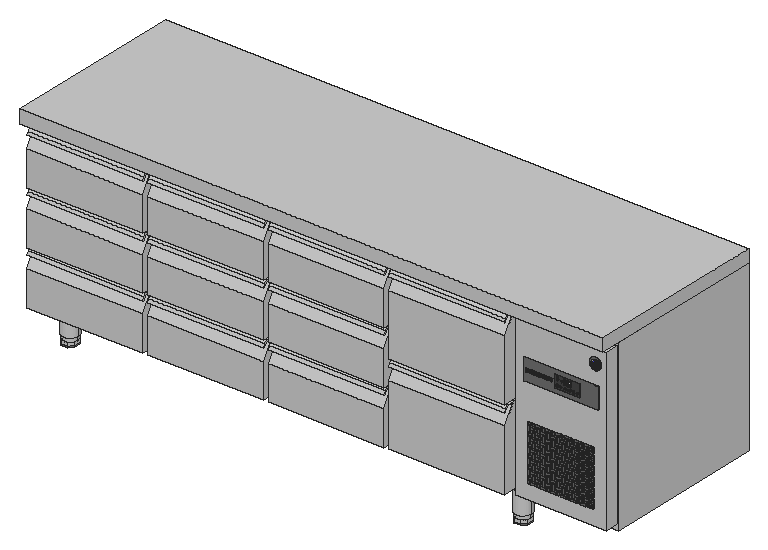
Revit family "QF_HOSHIZAKI_889040858", category Specialty Equipment, Revit 2016 (continued)
Definition of nested family "QF_HOSHIZAKI_ADVANCE_REF-COUNTER-DOORS-DRAWERS"
  Dimensions and locks
    aligned and locked: plane 1 "Back" to nested 4
    aligned and locked: plane 3 "Left" to nested 4
    aligned and locked: plane 3 "Left" to nested 5
    aligned and locked: plane 1 "Back" to nested 5
    aligned and locked: plane 3 "Left" to nested 6
    aligned and locked: plane 1 "Back" to nested 6
    aligned and locked: plane 3 "Left" to nested 7
    aligned and locked: plane 1 "Back" to nested 7
  Nested families
    nested 1: "Right_Door" at (0, 0, 0), Section size <- "Section size", type "Right door"
      with Worktop thickness 50 mm, Section size 446 mm, Legs height 0 mm, Height Actual 700 mm, Depth Actual 0 mm, Right hand hinged door no
    nested 2: "Left_Door" at (0, 0, 0), Section size <- "Section size", type "Left door"
      with Worktop thickness 50 mm, Section size 446 mm, Legs height 0 mm, Height Actual 700 mm, Depth Actual 0 mm, Left hand hinged door no
    nested 3: "3_Drawers_1-3" at (0, 0, 0), Section size <- "Section size", type "3 Drawers 1-3"
      with Worktop thickness 50 mm, Section size 446 mm, Legs height 0 mm, Height Actual 700 mm, Depth Actual 0 mm
    nested 4: "2_Drawers_1-2" at (0, 0, 0), Section size <- "Section size", type "2 Drawers 1-2"
      with Worktop thickness 50 mm, Section size 446 mm, Legs height 0 mm, Height Actual 700 mm, Depth Actual 0 mm, 2 Drawers no
    nested 5: "3_Drawers_1-3_2-3" at (0, 0, 0), Section size <- "Section size", type "2 Drawers 1-3 and 2-3"
      with Worktop thickness 40 mm, Section size 446 mm, Legs height 0 mm, Height Actual 750 mm, Depth Actual 0 mm, 2 Drawers 1-3 and 2-3 no
    nested 6: "Right_Glass_Door" at (0, 0, 0), Section size <- "Section size", type "Right glass door"
      with Worktop thickness 40 mm, Section size 446 mm, Legs height 0 mm, Height Actual 750 mm, Depth Actual 0 mm, Right hand hinged glass door no
    nested 7: "Left_Glass_Door" at (0, 0, 0), Section size <- "Section size", type "Left glass door"
      with Worktop thickness 40 mm, Section size 446 mm, Legs height 0 mm, Height Actual 750 mm, Depth Actual 0 mm, Left hand hinged glass door no
  Definition of nested family "3_Drawers_1-3"
    Parameters (values of type "3 Drawers 1-3")
      Worktop thickness [instance] = 50 mm
      URL = "www.specifiglobal.com"
      Section size [instance] = 446 mm
      Model = ""
      Manufacturer = "DEMO CONSULTANT"
      Legs height [instance] = 150 mm
      Height Actual [instance] = 850 mm
      Description = ""
      Depth Actual [instance] = 700 mm
      Assembly Code = "E1090320"
      3 Drawers = yes
    Reference planes
      plane 1 "Back": y = 0
      plane 2: z = 0
      plane 3 "Left": x = 0
      plane 4 "Right": x = 446
      plane 5 "Front": y = -700
      plane 6 "Top": z = 850
      plane 7 "Front door": y = -633
      plane 8 "Bottom shelf": z = 150
      plane 9 "Worktop bottom": z = 800
      plane 10: z = 784
      plane 11: z = 170
      plane 12: z = 584
      plane 13: z = 577
      plane 14: z = 370
      plane 15: z = 377
      plane 16: z = 580.5
      plane 17: z = 373.5
      plane 18: z = 166.5
      plane 19: z = 787.5
    Forms (mm)
      Extrusion 1, solid, visible <- "3 Drawers"
        sketch origin (860, -633, 4000) x (-1, 0, 0) y (0, 0, 1)
          loop
            line (852, -3224) -> (422, -3224) -> (422, -3408) -> (852, -3408) -> (852, -3224)
          loop
            line (823, -3253) -> (451, -3253) -> (451, -3379) -> (823, -3379) -> (823, -3253)
        from 0 to -11
      Extrusion 2, solid, visible <- "3 Drawers"
        sketch origin (0, 0, 0) x (0, 1, 0) y (0, 0, 1)
          loop
            line (-644, 784) -> (-675.296, 784)
            arc (-675.296, 784) -> (-683.245, 781.721) -> (-688.778, 775.576) r 15
            line (-688.778, 775.576) -> (-694, 764.869) -> (-692.202, 763.992) -> (-686.981, 774.699)
            arc (-686.981, 774.699) -> (-682.185, 780.025) -> (-675.296, 782) r 13
            line (-675.296, 782) -> (-656.484, 782) -> (-694, 717.02) -> (-694, 584) -> (-644, 584) -> (-644, 784)
        from 0 to 446
      Extrusion 3, solid, visible <- "3 Drawers"
        sketch origin (0, 0, -237.3) x (0, 1, 0) y (0, 0, 1)
          loop
            line (-644, 814.3) -> (-675.296, 814.3)
            arc (-675.296, 814.3) -> (-683.245, 812.021) -> (-688.778, 805.876) r 15
            line (-688.778, 805.876) -> (-694, 795.169) -> (-692.202, 794.292) -> (-686.981, 804.999)
            arc (-686.981, 804.999) -> (-682.185, 810.325) -> (-675.296, 812.3) r 13
            line (-675.296, 812.3) -> (-656.484, 812.3) -> (-694, 747.32) -> (-694, 614.3) -> (-644, 614.3) -> (-644, 814.3)
        from 0 to 446
      Extrusion 4, solid, visible <- "3 Drawers"
        sketch origin (0, 0, -463.333) x (0, 1, 0) y (0, 0, 1)
          loop
            line (-644, 833.333) -> (-675.296, 833.333)
            arc (-675.296, 833.333) -> (-683.245, 831.054) -> (-688.778, 824.909) r 15
            line (-688.778, 824.909) -> (-694, 814.202) -> (-692.202, 813.326) -> (-686.981, 824.032)
            arc (-686.981, 824.032) -> (-682.185, 829.358) -> (-675.296, 831.333) r 13
            line (-675.296, 831.333) -> (-656.484, 831.333) -> (-694, 766.353) -> (-694, 633.333) -> (-644, 633.333) -> (-644, 833.333)
        from 0 to 446
      Extrusion 5, solid, visible <- "3 Drawers"
        sketch origin (860, -633, 3773.7) x (-1, 0, 0) y (0, 0, 1)
          loop
            line (852, -3204.7) -> (422, -3204.7) -> (422, -3388.7) -> (852, -3388.7) -> (852, -3204.7)
          loop
            line (823, -3233.7) -> (451, -3233.7) -> (451, -3359.7) -> (823, -3359.7) -> (823, -3233.7)
        from 0 to -11
      Extrusion 6, solid, visible <- "3 Drawers"
        sketch origin (860, -633, 3547) x (-1, 0, 0) y (0, 0, 1)
          loop
            line (852, -3185) -> (422, -3185) -> (422, -3369) -> (852, -3369) -> (852, -3185)
          loop
            line (823, -3214) -> (451, -3214) -> (451, -3340) -> (823, -3340) -> (823, -3214)
        from 0 to -11
      Extrusion 7, solid, visible <- "3 Drawers", detail levels coarse
        sketch origin (0, -608.657, 584) x (0, 1, 0) y (-1, 0, 0)
          loop
            line (-85.343, 0) -> (-551.343, 0) -> (-551.343, -446) -> (-85.343, -446) -> (-85.343, 0)
        from 0 to 200
      Extrusion 8, solid, visible <- "3 Drawers", detail levels coarse
        sketch origin (0, -503.657, 377) x (0, 1, 0) y (-1, 0, 0)
          loop
            line (-190.343, 0) -> (-656.343, 0) -> (-656.343, -446) -> (-190.343, -446) -> (-190.343, 0)
        from 0 to 200
      Extrusion 9, solid, visible <- "3 Drawers", detail levels coarse
        sketch origin (0, -343.657, 170) x (0, 1, 0) y (-1, 0, 0)
          loop
            line (-350.343, 0) -> (-816.343, 0) -> (-816.343, -446) -> (-350.343, -446) -> (-350.343, 0)
        from 0 to 200
    Lines and regions (mm)
      symbolic lines, visible <- "3 Drawers"
        curve 1: line (0, -808, 850) -> (0, -854, 850)
        curve 2: line (0, -854, 850) -> (446, -854, 850)
        curve 3: line (446, -854, 850) -> (446, -808, 850)
        curve 4: line (446, -808, 850) -> (0, -808, 850)
        curve 5: line (416, -808, 850) -> (416, -700, 850)
        curve 6: line (30, -808, 850) -> (30, -700, 850)
        curve 7: line (0, -961, 850) -> (0, -1007, 850)
        curve 8: line (0, -1007, 850) -> (446, -1007, 850)
        curve 9: line (446, -1007, 850) -> (446, -961, 850)
        curve 10: line (446, -961, 850) -> (0, -961, 850)
        curve 11: line (416, -961, 850) -> (416, -854, 850)
        curve 12: line (30, -961, 850) -> (30, -854, 850)
        curve 13: line (0, -1114, 850) -> (0, -1160, 850)
        curve 14: line (0, -1160, 850) -> (446, -1160, 850)
        curve 15: line (446, -1160, 850) -> (446, -1114, 850)
        curve 16: line (446, -1114, 850) -> (0, -1114, 850)
        curve 17: line (416, -1114, 850) -> (416, -1007, 850)
        curve 18: line (30, -1114, 850) -> (30, -1007, 850)
    Dimensions and locks
      "Section size": plane 3 "Left" to plane 4 "Right"
      "Depth Actual": plane 5 "Front" to plane 1 "Back"
      "Height Actual": plane 6 "Top" to level
      locked: plane 7 "Front door" to plane 5 "Front" at 67
      "Legs height": plane 8 "Bottom shelf" to plane 2
      "Worktop thickness": plane 6 "Top" to plane 9 "Worktop bottom"
      locked: plane 11 to plane 8 "Bottom shelf" at 20
      locked: plane 9 "Worktop bottom" to plane 10 at 16
      locked: plane 12 to plane 13 at 7
      locked: plane 15 to plane 14 at 7
      locked: plane 11 to plane 18 at 3.5
      equal spacing: plane 12, plane 16, plane 13
      equal spacing: plane 15, plane 17, plane 14
      locked: plane 19 to plane 10 at 3.5
      equal spacing: plane 19, plane 16, plane 17, plane 18
      aligned and locked: level to plane 2
      aligned and locked: Extrusion 2 to plane 4 "Right"
      aligned and locked: Extrusion 3 to plane 4 "Right"
      aligned and locked: Extrusion 4 to plane 4 "Right"
      aligned and locked: plane 4 "Right" to Extrusion 7 sketch curve
      aligned and locked: plane 3 "Left" to Extrusion 7 sketch curve
      aligned and locked: Extrusion 7 to plane 10
      aligned and locked: Extrusion 8 to plane 13
      aligned and locked: Extrusion 9 to plane 14
      aligned and locked: plane 10 to Extrusion 2 sketch curve
      aligned and locked: Extrusion 2 sketch curve to plane 12
      aligned and locked: Extrusion 3 sketch curve to plane 15
      aligned and locked: plane 13 to Extrusion 3 sketch curve
    Automatic sketch dimensions
      plane 4 "Right" to Extrusion 1 sketch curve = 8 mm
      plane 4 "Right" to Extrusion 1 sketch curve = 37 mm
      plane 3 "Left" to Extrusion 1 sketch curve = 37 mm
      plane 3 "Left" to Extrusion 1 sketch curve = 8 mm
      plane 12 to Extrusion 1 sketch curve = 8 mm
      plane 12 to Extrusion 1 sketch curve = 37 mm
      Extrusion 1 sketch curve to plane 10 = 37 mm
      Extrusion 1 sketch curve to plane 10 = 8 mm
      plane 4 "Right" to Extrusion 5 sketch curve = 8 mm
      plane 4 "Right" to Extrusion 5 sketch curve = 37 mm
      plane 3 "Left" to Extrusion 5 sketch curve = 37 mm
      plane 3 "Left" to Extrusion 5 sketch curve = 8 mm
      plane 15 to Extrusion 5 sketch curve = 8 mm
      plane 15 to Extrusion 5 sketch curve = 37 mm
      Extrusion 5 sketch curve to plane 13 = 37 mm
      Extrusion 5 sketch curve to plane 13 = 8 mm
      plane 4 "Right" to Extrusion 6 sketch curve = 8 mm
      plane 4 "Right" to Extrusion 6 sketch curve = 37 mm
      plane 3 "Left" to Extrusion 6 sketch curve = 37 mm
      plane 3 "Left" to Extrusion 6 sketch curve = 8 mm
      plane 11 to Extrusion 6 sketch curve = 8 mm
      plane 11 to Extrusion 6 sketch curve = 37 mm
      Extrusion 6 sketch curve to plane 14 = 37 mm
      Extrusion 6 sketch curve to plane 14 = 8 mm
      Extrusion 7 sketch curve to plane 5 "Front" = 460 mm
      plane 5 "Front" to Extrusion 7 sketch curve = 6 mm
      Extrusion 8 sketch curve to plane 3 "Left" = 0 mm
      Extrusion 8 sketch curve to plane 4 "Right" = 0 mm
      Extrusion 8 sketch curve to plane 5 "Front" = 460 mm
      plane 5 "Front" to Extrusion 8 sketch curve = 6 mm
      Extrusion 9 sketch curve to plane 3 "Left" = 0 mm
      Extrusion 9 sketch curve to plane 4 "Right" = 0 mm
      Extrusion 9 sketch curve to plane 5 "Front" = 460 mm
      plane 5 "Front" to Extrusion 9 sketch curve = 6 mm
      curve 13 to plane 3 "Left" = 0 mm
      curve 14 to plane 4 "Right" = 0 mm
      curve 7 to plane 3 "Left" = 0 mm
      curve 8 to plane 4 "Right" = 0 mm
      curve 1 to plane 3 "Left" = 0 mm
      curve 3 to plane 4 "Right" = 0 mm
      curve 6 to plane 5 "Front" = 0 mm
      curve 5 to plane 5 "Front" = 0 mm
      curve 1 to plane 5 "Front" = 108 mm
      curve 2 to curve 3 = 46 mm
      curve 7 to curve 1 = 107 mm
      curve 9 to curve 9 = 46 mm
      curve 16 to curve 7 = 107 mm
      curve 14 to curve 13 = 46 mm
      curve 8 to curve 17 = 30 mm
      curve 9 to curve 11 = 30 mm
      curve 3 to curve 5 = 30 mm
      plane 3 "Left" to curve 6 = 30 mm
      plane 3 "Left" to curve 18 = 30 mm
      plane 3 "Left" to curve 12 = 30 mm
      Extrusion 2 sketch curve to Extrusion 2 sketch curve = 0 mm  (x3)
      plane 5 "Front" to Extrusion 2 sketch curve = 6 mm  (x2)
      Extrusion 2 sketch curve to Extrusion 2 sketch curve = 1.798 mm  (x2)
      Extrusion 2 sketch curve to Extrusion 2 sketch curve = 11.684 mm
      plane 5 "Front" to Extrusion 2 sketch curve = 43.516 mm
      plane 5 "Front" to Extrusion 2 sketch curve = 56 mm
      Extrusion 2 sketch curve to plane 10 = 66.98 mm
      Extrusion 3 sketch curve to Extrusion 3 sketch curve = 0 mm  (x4)
      Extrusion 3 sketch curve to Extrusion 3 sketch curve = 1.798 mm  (x2)
      plane 5 "Front" to Extrusion 3 sketch curve = 11.222 mm
      Extrusion 3 sketch curve to Extrusion 3 sketch curve = 18.812 mm
      Extrusion 3 sketch curve to plane 7 "Front door" = 11 mm
      Extrusion 3 sketch curve to Extrusion 3 sketch curve = 46.972 mm
      Extrusion 4 sketch curve to Extrusion 4 sketch curve = 0 mm  (x2)
      Extrusion 4 sketch curve to plane 11 = 0 mm
      Extrusion 4 sketch curve to plane 14 = 0 mm
      Extrusion 4 sketch curve to plane 7 "Front door" = 61 mm  (x2)
      Extrusion 4 sketch curve to Extrusion 4 sketch curve = 1.798 mm  (x2)
      Extrusion 4 sketch curve to plane 14 = 8.424 mm
      Extrusion 4 sketch curve to Extrusion 4 sketch curve = 5.222 mm
      Extrusion 4 sketch curve to plane 14 = 9.301 mm
      Extrusion 4 sketch curve to plane 7 "Front door" = 42.296 mm
      Extrusion 4 sketch curve to plane 7 "Front door" = 23.484 mm
      Extrusion 4 sketch curve to plane 7 "Front door" = 11 mm
      Extrusion 4 sketch curve to Extrusion 4 sketch curve = 46.972 mm
      plane 5 "Front" to Extrusion 2 sketch curve = 11.222 mm
      plane 5 "Front" to Extrusion 3 sketch curve = 7.798 mm
      plane 5 "Front" to Extrusion 3 sketch curve = 6 mm
      Extrusion 3 sketch curve to Extrusion 3 sketch curve = 11.684 mm
      Extrusion 3 sketch curve to Extrusion 3 sketch curve = 66.98 mm
      Extrusion 3 sketch curve to Extrusion 3 sketch curve = 0.877 mm
      Extrusion 2 sketch curve to plane 10 = 20.008 mm
      Extrusion 2 sketch curve to Extrusion 2 sketch curve = 0.877 mm
  Definition of nested family "Right_Door"
    Parameters (values of type "Right door")
      Worktop thickness [instance] = 50 mm
      URL = "www.specifiglobal.com"
      Section size [instance] = 446 mm
      Right hand hinged door = yes
      Model = ""
      Manufacturer = "DEMO CONSULTANT"
      Legs height [instance] = 150 mm
      Height Actual [instance] = 850 mm
      Description = ""
      Depth Actual [instance] = 700 mm
      Assembly Code = "E1090320"
    Reference planes
      plane 1 "Back": y = 0
      plane 2: z = 0
      plane 3 "Left": x = 0
      plane 4 "Right": x = 446
      plane 5 "Front": y = -700
      plane 6 "Top": z = 850
      plane 7 "Front door": y = -633
      plane 8 "Bottom shelf": z = 150
      plane 9 "Worktop bottom": z = 800
      plane 10: z = 784
      plane 11: z = 170
    Forms (mm)
      Extrusion 1, solid, visible <- "Right hand hinged door", detail levels coarse
        sketch origin (0, -608.657, 170) x (0, 1, 0) y (-1, 0, 0)
          loop
            arc (-85.343, 0) -> (-400.712, -130.63) -> (-531.343, -446) r 446
            line (-531.343, -446) -> (-85.343, -446) -> (-85.343, 0)
        from 0 to 614
      Extrusion 2, solid, visible <- "Right hand hinged door"
        sketch origin (860, -633, 4000) x (-1, 0, 0) y (0, 0, 1)
          loop
            line (852, -3224) -> (422, -3224) -> (422, -3822) -> (852, -3822) -> (852, -3224)
          loop
            line (823, -3253) -> (451, -3253) -> (451, -3793) -> (823, -3793) -> (823, -3253)
        from 0 to -11
      Extrusion 3, solid, visible <- "Right hand hinged door"
        sketch origin (0, 0, 0) x (0, 1, 0) y (0, 0, 1)
          loop
            line (-644, 784) -> (-675.296, 784)
            arc (-675.296, 784) -> (-683.245, 781.721) -> (-688.778, 775.576) r 15
            line (-688.778, 775.576) -> (-694, 764.869) -> (-692.202, 763.992) -> (-686.981, 774.699)
            arc (-686.981, 774.699) -> (-682.185, 780.025) -> (-675.296, 782) r 13
            line (-675.296, 782) -> (-656.484, 782) -> (-694, 717.02) -> (-694, 170) -> (-644, 170) -> (-644, 784)
        from 0 to 446
    Lines and regions (mm)
      symbolic lines, visible <- "Right hand hinged door"
        curve 1: line (446, -700, 850) -> (446, -1140, 850)
        curve 2: arc (0.04, -700, 850) -> (132.759, -1011.484, 850) -> (446, -1140, 850) r 446
    Dimensions and locks
      "Section size": plane 3 "Left" to plane 4 "Right"
      "Depth Actual": plane 5 "Front" to plane 1 "Back"
      "Height Actual": plane 6 "Top" to level
      locked: plane 7 "Front door" to plane 5 "Front" at 67
      "Legs height": plane 8 "Bottom shelf" to plane 2
      "Worktop thickness": plane 6 "Top" to plane 9 "Worktop bottom"
      locked: plane 11 to plane 8 "Bottom shelf" at 20
      locked: plane 9 "Worktop bottom" to plane 10 at 16
      aligned and locked: level to plane 2
      aligned and locked: Extrusion 1 to plane 10
      aligned and locked: Extrusion 3 to plane 4 "Right"
      aligned and locked: curve 2 to Extrusion 1
      aligned and locked: plane 10 to Extrusion 3 sketch curve
      aligned and locked: Extrusion 3 sketch curve to plane 11
    Automatic sketch dimensions
      plane 4 "Right" to Extrusion 2 sketch curve = 8 mm
      plane 4 "Right" to Extrusion 2 sketch curve = 37 mm
      plane 3 "Left" to Extrusion 2 sketch curve = 37 mm
      plane 3 "Left" to Extrusion 2 sketch curve = 8 mm
      plane 11 to Extrusion 2 sketch curve = 8 mm
      plane 11 to Extrusion 2 sketch curve = 37 mm
      Extrusion 2 sketch curve to plane 10 = 37 mm
      Extrusion 2 sketch curve to plane 10 = 8 mm
      Extrusion 1 sketch curve to plane 4 "Right" = 0 mm
      Extrusion 1 sketch curve to plane 3 "Left" = 0 mm
      plane 5 "Front" to Extrusion 1 sketch curve = 6 mm
      curve 1 to plane 5 "Front" = 0 mm
      curve 2 to plane 5 "Front" = 0 mm
      Extrusion 3 sketch curve to Extrusion 3 sketch curve = 0 mm  (x2)
      Extrusion 3 sketch curve to plane 7 "Front door" = 61 mm  (x2)
      Extrusion 3 sketch curve to Extrusion 3 sketch curve = 1.798 mm  (x2)
      Extrusion 3 sketch curve to plane 10 = 8.424 mm
      Extrusion 3 sketch curve to Extrusion 3 sketch curve = 5.222 mm
      Extrusion 3 sketch curve to plane 10 = 9.301 mm
      Extrusion 3 sketch curve to plane 7 "Front door" = 42.296 mm
      Extrusion 3 sketch curve to plane 7 "Front door" = 23.484 mm
      Extrusion 3 sketch curve to Extrusion 3 sketch curve = 12.484 mm
      Extrusion 3 sketch curve to Extrusion 3 sketch curve = 46.972 mm
  Definition of nested family "Left_Door"
    Parameters (values of type "Left door")
      Worktop thickness [instance] = 50 mm
      URL = "www.specifiglobal.com"
      Section size [instance] = 450 mm
      Model = ""
      Manufacturer = "DEMO CONSULTANT"
      Legs height [instance] = 150 mm
      Left hand hinged door = yes
      Height Actual [instance] = 850 mm
      Description = ""
      Depth Actual [instance] = 700 mm
      Assembly Code = "E1090320"
    Reference planes
      plane 1 "Back": y = 0
      plane 2: z = 0
      plane 3 "Left": x = 0
      plane 4 "Right": x = 450
      plane 5 "Front": y = -700
      plane 6 "Top": z = 850
      plane 7 "Front door": y = -633
      plane 8 "Bottom shelf": z = 150
      plane 9 "Worktop bottom": z = 800
      plane 10: z = 784
      plane 11: z = 170
    Forms (mm)
      Extrusion 1, solid, visible <- "Left hand hinged door"
        sketch origin (860, -633, 4000) x (-1, 0, 0) y (0, 0, 1)
          loop
            line (852, -3224) -> (418, -3224) -> (418, -3822) -> (852, -3822) -> (852, -3224)
          loop
            line (823, -3253) -> (447, -3253) -> (447, -3793) -> (823, -3793) -> (823, -3253)
        from 0 to -11
      Extrusion 2, solid, visible <- "Left hand hinged door"
        sketch origin (0, 0, 0) x (0, 1, 0) y (0, 0, 1)
          loop
            line (-644, 784) -> (-675.296, 784)
            arc (-675.296, 784) -> (-683.245, 781.721) -> (-688.778, 775.576) r 15
            line (-688.778, 775.576) -> (-694, 764.869) -> (-692.202, 763.992) -> (-686.981, 774.699)
            arc (-686.981, 774.699) -> (-682.185, 780.025) -> (-675.296, 782) r 13
            line (-675.296, 782) -> (-656.484, 782) -> (-694, 717.02) -> (-694, 170) -> (-644, 170) -> (-644, 784)
        from 0 to 450
      Extrusion 3, solid, visible <- "Left hand hinged door", detail levels coarse
        sketch origin (0, -608.657, 170) x (0, 1, 0) y (-1, 0, 0)
          loop
            line (-85.343, -450) -> (-85.343, 0) -> (-535.343, 0)
            arc (-535.343, 0) -> (-403.541, -318.198) -> (-85.343, -450) r 450
        from 0 to 614
    Lines and regions (mm)
      symbolic lines, visible <- "Left hand hinged door"
        curve 1: line (0, -700, 850) -> (0, -1144, 850)
        curve 2: arc (0, -1144, 850) -> (316.07, -1014.312, 850) -> (449.96, -700, 850) r 450
    Dimensions and locks
      "Section size": plane 3 "Left" to plane 4 "Right"
      "Depth Actual": plane 5 "Front" to plane 1 "Back"
      "Height Actual": plane 6 "Top" to level
      locked: plane 7 "Front door" to plane 5 "Front" at 67
      "Legs height": plane 8 "Bottom shelf" to plane 2
      "Worktop thickness": plane 6 "Top" to plane 9 "Worktop bottom"
      locked: plane 11 to plane 8 "Bottom shelf" at 20
      locked: plane 9 "Worktop bottom" to plane 10 at 16
      aligned and locked: level to plane 2
      aligned and locked: Extrusion 2 to plane 4 "Right"
      aligned and locked: Extrusion 3 to plane 10
      aligned and locked: curve 2 to Extrusion 3
      aligned and locked: plane 10 to Extrusion 2 sketch curve
      aligned and locked: Extrusion 2 sketch curve to plane 11
    Automatic sketch dimensions
      plane 4 "Right" to Extrusion 1 sketch curve = 8 mm
      plane 4 "Right" to Extrusion 1 sketch curve = 37 mm
      plane 3 "Left" to Extrusion 1 sketch curve = 37 mm
      plane 3 "Left" to Extrusion 1 sketch curve = 8 mm
      plane 11 to Extrusion 1 sketch curve = 8 mm
      plane 11 to Extrusion 1 sketch curve = 37 mm
      Extrusion 1 sketch curve to plane 10 = 37 mm
      Extrusion 1 sketch curve to plane 10 = 8 mm
      Extrusion 3 sketch curve to plane 3 "Left" = 0 mm
      Extrusion 3 sketch curve to plane 4 "Right" = 0 mm
      plane 5 "Front" to Extrusion 3 sketch curve = 6 mm
      curve 1 to plane 5 "Front" = 0 mm
      curve 2 to plane 5 "Front" = 0 mm
      Extrusion 2 sketch curve to Extrusion 2 sketch curve = 0 mm  (x2)
      plane 5 "Front" to Extrusion 2 sketch curve = 6 mm  (x2)
      Extrusion 2 sketch curve to Extrusion 2 sketch curve = 1.798 mm
      plane 5 "Front" to Extrusion 2 sketch curve = 11.222 mm
      Extrusion 2 sketch curve to Extrusion 2 sketch curve = 11.684 mm
      Extrusion 2 sketch curve to Extrusion 2 sketch curve = 18.812 mm
      Extrusion 2 sketch curve to plane 7 "Front door" = 11 mm
      Extrusion 2 sketch curve to plane 10 = 66.98 mm
      Extrusion 2 sketch curve to plane 10 = 20.008 mm
      Extrusion 2 sketch curve to Extrusion 2 sketch curve = 0.877 mm  (x2)
  Definition of nested family "2_Drawers_1-2"
    Parameters (values of type "2 Drawers 1-2")
      Worktop thickness [instance] = 50 mm
      URL = "www.specifiglobal.com"
      Section size [instance] = 446 mm
      Model = ""
      Manufacturer = "DEMO CONSULTANT"
      Legs height [instance] = 150 mm
      Height Actual [instance] = 850 mm
      Description = ""
      Depth Actual [instance] = 700 mm
      Assembly Code = "E1090320"
      2 Drawers = yes
    Reference planes
      plane 1 "Back": y = 0
      plane 2: z = 0
      plane 3 "Left": x = 0
      plane 4 "Right": x = 446
      plane 5 "Front": y = -700
      plane 6 "Top": z = 850
      plane 7 "Front door": y = -633
      plane 8 "Bottom shelf": z = 150
      plane 9 "Worktop bottom": z = 800
      plane 10: z = 784
      plane 11: z = 170
      plane 12: z = 481
      plane 13: z = 473
      plane 14: z = 477
      plane 15: z = 792
      plane 16: z = 160
    Forms (mm)
      Extrusion 1, solid, visible <- "2 Drawers"
        sketch origin (860, -633, 4000) x (-1, 0, 0) y (0, 0, 1)
          loop
            line (852, -3224) -> (422, -3224) -> (422, -3511) -> (852, -3511) -> (852, -3224)
          loop
            line (823, -3253) -> (451, -3253) -> (451, -3482) -> (823, -3482) -> (823, -3253)
        from 0 to -11
      Extrusion 2, solid, visible <- "2 Drawers"
        sketch origin (0, 0, 0) x (0, 1, 0) y (0, 0, 1)
          loop
            line (-644, 784) -> (-675.296, 784)
            arc (-675.296, 784) -> (-683.245, 781.721) -> (-688.778, 775.576) r 15
            line (-688.778, 775.576) -> (-694, 764.869) -> (-692.202, 763.992) -> (-686.981, 774.699)
            arc (-686.981, 774.699) -> (-682.185, 780.025) -> (-675.296, 782) r 13
            line (-675.296, 782) -> (-656.484, 782) -> (-694, 717.02) -> (-694, 481) -> (-644, 481) -> (-644, 784)
        from 0 to 446
      Extrusion 3, solid, visible <- "2 Drawers"
        sketch origin (0, 0, -463.333) x (0, 1, 0) y (0, 0, 1)
          loop
            line (-644, 936.333) -> (-675.296, 936.333)
            arc (-675.296, 936.333) -> (-683.245, 934.054) -> (-688.778, 927.909) r 15
            line (-688.778, 927.909) -> (-694, 917.202) -> (-692.202, 916.326) -> (-686.981, 927.032)
            arc (-686.981, 927.032) -> (-682.185, 932.358) -> (-675.296, 934.333) r 13
            line (-675.296, 934.333) -> (-656.484, 934.333) -> (-694, 869.353) -> (-694, 633.333) -> (-644, 633.333) -> (-644, 936.333)
        from 0 to 446
      Extrusion 4, solid, visible <- "2 Drawers"
        sketch origin (860, -633, 3547) x (-1, 0, 0) y (0, 0, 1)
          loop
            line (852, -3082) -> (422, -3082) -> (422, -3369) -> (852, -3369) -> (852, -3082)
          loop
            line (823, -3111) -> (451, -3111) -> (451, -3340) -> (823, -3340) -> (823, -3111)
        from 0 to -11
      Extrusion 5, solid, visible <- "2 Drawers", detail levels coarse
        sketch origin (0, -608.657, 481) x (0, 1, 0) y (-1, 0, 0)
          loop
            line (-85.343, 0) -> (-551.343, 0) -> (-551.343, -446) -> (-85.343, -446) -> (-85.343, 0)
        from 0 to 303
      Extrusion 6, solid, visible <- "2 Drawers", detail levels coarse
        sketch origin (0, -343.657, 170) x (0, 1, 0) y (-1, 0, 0)
          loop
            line (-350.343, 0) -> (-816.343, 0) -> (-816.343, -446) -> (-350.343, -446) -> (-350.343, 0)
        from 0 to 303
    Lines and regions (mm)
      symbolic lines, visible <- "2 Drawers"
        curve 1: line (0, -884, 850) -> (0, -930, 850)
        curve 2: line (0, -930, 850) -> (446, -930, 850)
        curve 3: line (446, -930, 850) -> (446, -884, 850)
        curve 4: line (446, -884, 850) -> (0, -884, 850)
        curve 5: line (416, -884, 850) -> (416, -700, 850)
        curve 6: line (30, -884, 850) -> (30, -700, 850)
        curve 7: line (0, -1114, 850) -> (0, -1160, 850)
        curve 8: line (0, -1160, 850) -> (446, -1160, 850)
        curve 9: line (446, -1160, 850) -> (446, -1114, 850)
        curve 10: line (446, -1114, 850) -> (0, -1114, 850)
        curve 11: line (416, -1114, 850) -> (416, -930, 850)
        curve 12: line (30, -1114, 850) -> (30, -930, 850)
    Dimensions and locks
      "Section size": plane 3 "Left" to plane 4 "Right"
      "Depth Actual": plane 5 "Front" to plane 1 "Back"
      "Height Actual": plane 6 "Top" to level
      locked: plane 7 "Front door" to plane 5 "Front" at 67
      "Legs height": plane 8 "Bottom shelf" to plane 2
      "Worktop thickness": plane 6 "Top" to plane 9 "Worktop bottom"
      locked: plane 11 to plane 8 "Bottom shelf" at 20
      locked: plane 9 "Worktop bottom" to plane 10 at 16
      equal spacing: plane 9 "Worktop bottom", plane 15, plane 10
      equal spacing: plane 11, plane 16, plane 8 "Bottom shelf"
      plane 12 to plane 13 = 8 mm
      equal spacing: plane 12, plane 14, plane 13
      equal spacing: plane 10, plane 14, plane 11
      aligned and locked: level to plane 2
      aligned and locked: Extrusion 2 to plane 4 "Right"
      aligned and locked: Extrusion 3 to plane 4 "Right"
      aligned and locked: plane 4 "Right" to Extrusion 5 sketch curve
      aligned and locked: plane 3 "Left" to Extrusion 5 sketch curve
      aligned and locked: Extrusion 5 to plane 10
      aligned and locked: Extrusion 6 to plane 13
      aligned and locked: Extrusion 2 sketch curve to plane 12
      aligned and locked: plane 10 to Extrusion 2 sketch curve
      aligned and locked: Extrusion 3 sketch curve to plane 11
      aligned and locked: plane 13 to Extrusion 3 sketch curve
    Automatic sketch dimensions
      plane 4 "Right" to Extrusion 1 sketch curve = 8 mm
      plane 4 "Right" to Extrusion 1 sketch curve = 37 mm
      plane 3 "Left" to Extrusion 1 sketch curve = 37 mm
      plane 3 "Left" to Extrusion 1 sketch curve = 8 mm
      plane 12 to Extrusion 1 sketch curve = 8 mm
      plane 12 to Extrusion 1 sketch curve = 37 mm
      Extrusion 1 sketch curve to plane 10 = 37 mm
      Extrusion 1 sketch curve to plane 10 = 8 mm
      plane 4 "Right" to Extrusion 4 sketch curve = 8 mm
      plane 4 "Right" to Extrusion 4 sketch curve = 37 mm
      plane 3 "Left" to Extrusion 4 sketch curve = 37 mm
      plane 3 "Left" to Extrusion 4 sketch curve = 8 mm
      plane 11 to Extrusion 4 sketch curve = 8 mm
      plane 11 to Extrusion 4 sketch curve = 37 mm
      Extrusion 4 sketch curve to plane 13 = 37 mm
      Extrusion 4 sketch curve to plane 13 = 8 mm
      Extrusion 5 sketch curve to plane 5 "Front" = 460 mm
      plane 5 "Front" to Extrusion 5 sketch curve = 6 mm
      Extrusion 6 sketch curve to plane 3 "Left" = 0 mm
      Extrusion 6 sketch curve to plane 4 "Right" = 0 mm
      Extrusion 6 sketch curve to plane 5 "Front" = 460 mm
      plane 5 "Front" to Extrusion 6 sketch curve = 6 mm
      curve 8 to plane 3 "Left" = 0 mm
      curve 8 to plane 4 "Right" = 0 mm
      curve 3 to plane 4 "Right" = 0 mm
      curve 1 to plane 3 "Left" = 0 mm
      curve 5 to plane 5 "Front" = 0 mm
      curve 6 to plane 5 "Front" = 0 mm
      curve 4 to plane 5 "Front" = 184 mm
      curve 2 to curve 1 = 46 mm
      curve 7 to curve 1 = 184 mm
      curve 9 to curve 9 = 46 mm
      plane 4 "Right" to curve 5 = 30 mm
      plane 4 "Right" to curve 11 = 30 mm
      plane 3 "Left" to curve 12 = 30 mm
      plane 3 "Left" to curve 6 = 30 mm
      Extrusion 2 sketch curve to Extrusion 2 sketch curve = 0 mm  (x2)
      plane 5 "Front" to Extrusion 2 sketch curve = 6 mm  (x2)
      Extrusion 2 sketch curve to Extrusion 2 sketch curve = 1.798 mm  (x2)
      Extrusion 2 sketch curve to Extrusion 2 sketch curve = 5.222 mm
      plane 5 "Front" to Extrusion 2 sketch curve = 24.704 mm
      plane 5 "Front" to Extrusion 2 sketch curve = 43.516 mm
      plane 5 "Front" to Extrusion 2 sketch curve = 56 mm
      Extrusion 2 sketch curve to Extrusion 2 sketch curve = 46.972 mm
      Extrusion 2 sketch curve to Extrusion 2 sketch curve = 0.877 mm
      Extrusion 2 sketch curve to Extrusion 2 sketch curve = 5.699 mm
      plane 5 "Front" to Extrusion 3 sketch curve = 6 mm  (x2)
      Extrusion 3 sketch curve to Extrusion 3 sketch curve = 1.798 mm  (x2)
      Extrusion 3 sketch curve to Extrusion 3 sketch curve = 5.222 mm
      Extrusion 3 sketch curve to Extrusion 3 sketch curve = 11.684 mm
      plane 5 "Front" to Extrusion 3 sketch curve = 43.516 mm
      plane 5 "Front" to Extrusion 3 sketch curve = 56 mm
      Extrusion 3 sketch curve to Extrusion 3 sketch curve = 46.972 mm
      Extrusion 3 sketch curve to Extrusion 3 sketch curve = 0 mm  (x2)
      Extrusion 3 sketch curve to Extrusion 3 sketch curve = 5.699 mm
      Extrusion 3 sketch curve to Extrusion 3 sketch curve = 0.877 mm
  Definition of nested family "3_Drawers_1-3_2-3"
    Parameters (values of type "2 Drawers 1-3 and 2-3")
      Worktop thickness [instance] = 40 mm
      URL = "www.specifiglobal.com"
      Section size [instance] = 421 mm
      Model = ""
      Manufacturer = "DEMO CONSULTANT"
      Legs height [instance] = 150 mm
      Height Actual [instance] = 900 mm
      Description = ""
      Depth Actual [instance] = 700 mm
      Assembly Code = "E1090320"
      2 Drawers 1-3 and 2-3 = yes
    Reference planes
      plane 1 "Back": y = 0
      plane 2: z = 0
      plane 3 "Left": x = 0
      plane 4 "Right": x = 421
      plane 5 "Front": y = -700
      plane 6 "Top": z = 900
      plane 7 "Front door": y = -633
      plane 8 "Bottom shelf": z = 150
      plane 9 "Worktop bottom": z = 860
      plane 10: z = 841
      plane 11: z = 186
      plane 12: z = 627
      plane 13: z = 620
      plane 14: z = 623.5
      plane 15: z = 850.5
      plane 16: z = 168
    Forms (mm)
      Extrusion 1, solid, visible <- "2 Drawers 1-3 and 2-3"
        sketch origin (860, -633, 4000) x (-1, 0, 0) y (0, 0, 1)
          loop
            line (852, -3167) -> (447, -3167) -> (447, -3365) -> (852, -3365) -> (852, -3167)
          loop
            line (823, -3196) -> (476, -3196) -> (476, -3336) -> (823, -3336) -> (823, -3196)
        from 0 to -11
      Extrusion 2, solid, visible <- "2 Drawers 1-3 and 2-3"
        sketch origin (0, 0, 0) x (0, 1, 0) y (0, 0, 1)
          loop
            line (-644, 841) -> (-675.296, 841)
            arc (-675.296, 841) -> (-683.245, 838.721) -> (-688.778, 832.576) r 15
            line (-688.778, 832.576) -> (-694, 821.869) -> (-692.202, 820.992) -> (-686.981, 831.699)
            arc (-686.981, 831.699) -> (-682.185, 837.025) -> (-675.296, 839) r 13
            line (-675.296, 839) -> (-656.484, 839) -> (-694, 774.02) -> (-694, 627) -> (-644, 627) -> (-644, 841)
        from 0 to 421
      Extrusion 3, solid, visible <- "2 Drawers 1-3 and 2-3"
        sketch origin (0, 0, -463.333) x (0, 1, 0) y (0, 0, 1)
          loop
            line (-644, 1083.333) -> (-675.296, 1083.333)
            arc (-675.296, 1083.333) -> (-683.245, 1081.054) -> (-688.778, 1074.909) r 15
            line (-688.778, 1074.909) -> (-694, 1064.202) -> (-692.202, 1063.326) -> (-686.981, 1074.032)
            arc (-686.981, 1074.032) -> (-682.185, 1079.358) -> (-675.296, 1081.333) r 13
            line (-675.296, 1081.333) -> (-656.484, 1081.333) -> (-694, 1016.353) -> (-694, 649.333) -> (-644, 649.333) -> (-644, 1083.333)
        from 0 to 421
      Extrusion 4, solid, visible <- "2 Drawers 1-3 and 2-3"
        sketch origin (860, -633, 3547) x (-1, 0, 0) y (0, 0, 1)
          loop
            line (852, -2935) -> (447, -2935) -> (447, -3353) -> (852, -3353) -> (852, -2935)
          loop
            line (823, -2964) -> (476, -2964) -> (476, -3324) -> (823, -3324) -> (823, -2964)
        from 0 to -11
      Extrusion 5, solid, visible <- "2 Drawers 1-3 and 2-3", detail levels coarse
        sketch origin (0, -608.657, 627) x (0, 1, 0) y (-1, 0, 0)
          loop
            line (-85.343, 0) -> (-551.343, 0) -> (-551.343, -421) -> (-85.343, -421) -> (-85.343, 0)
        from 0 to 214
      Extrusion 6, solid, visible <- "2 Drawers 1-3 and 2-3", detail levels coarse
        sketch origin (0, -343.657, 186) x (0, 1, 0) y (-1, 0, 0)
          loop
            line (-350.343, 0) -> (-816.343, 0) -> (-816.343, -421) -> (-350.343, -421) -> (-350.343, 0)
        from 0 to 434
    Lines and regions (mm)
      symbolic lines, visible <- "2 Drawers 1-3 and 2-3"
        curve 1: line (0, -804, 900) -> (0, -850, 900)
        curve 2: line (0, -850, 900) -> (421, -850, 900)
        curve 3: line (421, -850, 900) -> (421, -804, 900)
        curve 4: line (421, -804, 900) -> (0, -804, 900)
        curve 5: line (391, -804, 900) -> (391, -700, 900)
        curve 6: line (30, -804, 900) -> (30, -700, 900)
        curve 7: line (0, -1114, 900) -> (0, -1160, 900)
        curve 8: line (0, -1160, 900) -> (421, -1160, 900)
        curve 9: line (421, -1160, 900) -> (421, -1114, 900)
        curve 10: line (421, -1114, 900) -> (0, -1114, 900)
        curve 11: line (391, -1114, 900) -> (391, -850, 900)
        curve 12: line (30, -1114, 900) -> (30, -850, 900)
    Dimensions and locks
      "Section size": plane 3 "Left" to plane 4 "Right"
      "Depth Actual": plane 5 "Front" to plane 1 "Back"
      "Height Actual": plane 6 "Top" to level
      locked: plane 7 "Front door" to plane 5 "Front" at 67
      "Legs height": plane 8 "Bottom shelf" to plane 2
      "Worktop thickness": plane 6 "Top" to plane 9 "Worktop bottom"
      locked: plane 11 to plane 8 "Bottom shelf" at 36
      locked: plane 9 "Worktop bottom" to plane 10 at 19
      locked: plane 12 to plane 13 at 7
      equal spacing: plane 9 "Worktop bottom", plane 15, plane 10
      equal spacing: plane 11, plane 16, plane 8 "Bottom shelf"
      locked: Extrusion 4 sketch curve to plane 13 at 37
      locked: Extrusion 4 sketch curve to plane 13 at 8
      equal spacing: plane 12, plane 14, plane 13
      locked: plane 10 to plane 12 at 214
      aligned and locked: level to plane 2
      aligned and locked: Extrusion 2 to plane 4 "Right"
      aligned and locked: Extrusion 3 to plane 4 "Right"
      aligned and locked: plane 4 "Right" to Extrusion 5 sketch curve
      aligned and locked: plane 3 "Left" to Extrusion 5 sketch curve
      aligned and locked: Extrusion 5 to plane 10
      aligned and locked: Extrusion 6 to plane 13
      aligned and locked: plane 10 to Extrusion 2 sketch curve
      aligned and locked: Extrusion 2 sketch curve to plane 12
      aligned and locked: Extrusion 3 sketch curve to plane 11
      aligned and locked: plane 13 to Extrusion 3 sketch curve
    Automatic sketch dimensions
      plane 4 "Right" to Extrusion 1 sketch curve = 8 mm
      plane 4 "Right" to Extrusion 1 sketch curve = 37 mm
      plane 3 "Left" to Extrusion 1 sketch curve = 37 mm
      plane 3 "Left" to Extrusion 1 sketch curve = 8 mm
      plane 12 to Extrusion 1 sketch curve = 8 mm
      plane 12 to Extrusion 1 sketch curve = 37 mm
      Extrusion 1 sketch curve to plane 10 = 37 mm
      Extrusion 1 sketch curve to plane 10 = 8 mm
      plane 4 "Right" to Extrusion 4 sketch curve = 8 mm
      plane 4 "Right" to Extrusion 4 sketch curve = 37 mm
      plane 3 "Left" to Extrusion 4 sketch curve = 37 mm
      plane 3 "Left" to Extrusion 4 sketch curve = 8 mm
      plane 11 to Extrusion 4 sketch curve = 8 mm
      plane 11 to Extrusion 4 sketch curve = 37 mm
      Extrusion 5 sketch curve to plane 5 "Front" = 460 mm
      plane 5 "Front" to Extrusion 5 sketch curve = 6 mm
      Extrusion 6 sketch curve to plane 3 "Left" = 0 mm
      Extrusion 6 sketch curve to plane 4 "Right" = 0 mm
      Extrusion 6 sketch curve to plane 5 "Front" = 460 mm
      plane 5 "Front" to Extrusion 6 sketch curve = 6 mm
      curve 8 to plane 3 "Left" = 0 mm
      curve 8 to plane 4 "Right" = 0 mm
      curve 3 to plane 4 "Right" = 0 mm
      curve 1 to plane 3 "Left" = 0 mm
      curve 5 to plane 5 "Front" = 0 mm
      curve 6 to plane 5 "Front" = 0 mm
      curve 4 to plane 5 "Front" = 104 mm
      curve 2 to curve 1 = 46 mm
      curve 7 to curve 1 = 264 mm
      curve 9 to curve 9 = 46 mm
      curve 3 to curve 5 = 30 mm
      plane 4 "Right" to curve 11 = 30 mm
      plane 3 "Left" to curve 12 = 30 mm
      plane 3 "Left" to curve 6 = 30 mm
      Extrusion 2 sketch curve to Extrusion 2 sketch curve = 0 mm  (x2)
      Extrusion 2 sketch curve to plane 7 "Front door" = 61 mm  (x2)
      Extrusion 2 sketch curve to Extrusion 2 sketch curve = 1.798 mm  (x2)
      Extrusion 2 sketch curve to Extrusion 2 sketch curve = 5.222 mm
      Extrusion 2 sketch curve to Extrusion 2 sketch curve = 11.684 mm
      Extrusion 2 sketch curve to Extrusion 2 sketch curve = 18.812 mm
      Extrusion 2 sketch curve to Extrusion 2 sketch curve = 50 mm
      Extrusion 2 sketch curve to Extrusion 2 sketch curve = 46.972 mm
      Extrusion 2 sketch curve to Extrusion 2 sketch curve = 0.877 mm
      Extrusion 2 sketch curve to Extrusion 2 sketch curve = 5.699 mm
      Extrusion 3 sketch curve to Extrusion 3 sketch curve = 0 mm  (x2)
      plane 5 "Front" to Extrusion 3 sketch curve = 6 mm  (x2)
      Extrusion 3 sketch curve to Extrusion 3 sketch curve = 1.798 mm  (x2)
      plane 5 "Front" to Extrusion 3 sketch curve = 11.222 mm
      Extrusion 3 sketch curve to Extrusion 3 sketch curve = 11.684 mm
      Extrusion 3 sketch curve to Extrusion 3 sketch curve = 18.812 mm
      Extrusion 3 sketch curve to plane 7 "Front door" = 11 mm
      Extrusion 3 sketch curve to Extrusion 3 sketch curve = 57.679 mm
      Extrusion 3 sketch curve to Extrusion 3 sketch curve = 10.706 mm
      Extrusion 3 sketch curve to Extrusion 3 sketch curve = 5.699 mm
  Definition of nested family "Right_Glass_Door"
    Parameters (values of type "Right glass door")
      Worktop thickness [instance] = 40 mm
      URL = "www.specifiglobal.com"
      Section size [instance] = 421 mm
      Right hand hinged glass door = yes
      Model = ""
      Manufacturer = "DEMO CONSULTANT"
      Legs height [instance] = 150 mm
      Height Actual [instance] = 900 mm
      Description = ""
      Depth Actual [instance] = 700 mm
      Assembly Code = "E1090320"
    Reference planes
      plane 1 "Back": y = 0
      plane 2: z = 0
      plane 3 "Left": x = 0
      plane 4 "Right": x = 421
      plane 5 "Front": y = -700
      plane 6 "Top": z = 900
      plane 7 "Front door": y = -633
      plane 8 "Bottom shelf": z = 150
      plane 9 "Worktop bottom": z = 860
      plane 10: z = 841
      plane 11: z = 186
    Forms (mm)
      Extrusion 1, solid, visible <- "Right hand hinged glass door", detail levels coarse
        sketch origin (0, -608.657, 186) x (0, 1, 0) y (-1, 0, 0)
          loop
            arc (-85.343, 0) -> (-383.035, -123.308) -> (-506.343, -421) r 421
            line (-506.343, -421) -> (-85.343, -421) -> (-85.343, 0)
        from 0 to 655
      Extrusion 2, solid, visible <- "Right hand hinged glass door"
        sketch origin (860, -633, 4000) x (-1, 0, 0) y (0, 0, 1)
          loop
            line (852, -3167) -> (447, -3167) -> (447, -3806) -> (852, -3806) -> (852, -3167)
          loop
            line (823, -3196) -> (476, -3196) -> (476, -3777) -> (823, -3777) -> (823, -3196)
        from 0 to -11
      Extrusion 3, solid, visible <- "Right hand hinged glass door"
        sketch origin (0, -633, 0) x (-1, 0, 0) y (0, 0, 1)
          loop
            line (0, 841) -> (-421, 841) -> (-421, 186) -> (0, 186) -> (0, 841)
          loop
            line (-50, 791) -> (-371, 791) -> (-371, 236) -> (-50, 236) -> (-50, 791)
        from -11 to -61
      Extrusion 4, solid, visible <- "Right hand hinged glass door"
        sketch origin (0, -633, 0) x (-1, 0, 0) y (0, 0, 1)
          loop
            line (-50, 791) -> (-371, 791) -> (-371, 236) -> (-50, 236) -> (-50, 791)
        from -51 to -61
    Lines and regions (mm)
      symbolic lines, visible <- "Right hand hinged glass door"
        curve 1: line (421, -700, 900) -> (421, -1115, 900)
        curve 2: arc (0.043, -700, 900) -> (125.437, -993.806, 900) -> (421, -1115, 900) r 421
    Dimensions and locks
      "Section size": plane 3 "Left" to plane 4 "Right"
      "Depth Actual": plane 5 "Front" to plane 1 "Back"
      "Height Actual": plane 6 "Top" to level
      locked: plane 7 "Front door" to plane 5 "Front" at 67
      "Legs height": plane 8 "Bottom shelf" to plane 2
      "Worktop thickness": plane 6 "Top" to plane 9 "Worktop bottom"
      locked: plane 11 to plane 8 "Bottom shelf" at 36
      locked: plane 9 "Worktop bottom" to plane 10 at 19
      locked: plane 11 to Extrusion 4 sketch curve at 50
      locked: Extrusion 4 sketch curve to plane 3 "Left" at 50
      locked: Extrusion 4 sketch curve to plane 10 at 50
      locked: plane 4 "Right" to Extrusion 4 sketch curve at 50
      aligned and locked: level to plane 2
      aligned and locked: Extrusion 1 to plane 10
      aligned and locked: Extrusion 3 sketch curve to Extrusion 1  (x2)
      aligned and locked: curve 2 to Extrusion 1
    Automatic sketch dimensions
      plane 4 "Right" to Extrusion 2 sketch curve = 8 mm
      plane 4 "Right" to Extrusion 2 sketch curve = 37 mm
      plane 3 "Left" to Extrusion 2 sketch curve = 37 mm
      plane 3 "Left" to Extrusion 2 sketch curve = 8 mm
      plane 11 to Extrusion 2 sketch curve = 8 mm
      plane 11 to Extrusion 2 sketch curve = 37 mm
      Extrusion 2 sketch curve to plane 10 = 37 mm
      Extrusion 2 sketch curve to plane 10 = 8 mm
      plane 4 "Right" to Extrusion 3 sketch curve = 50 mm
      plane 3 "Left" to Extrusion 3 sketch curve = 50 mm
      plane 11 to Extrusion 3 sketch curve = 50 mm
      Extrusion 3 sketch curve to plane 10 = 50 mm
      Extrusion 1 sketch curve to plane 4 "Right" = 0 mm
      Extrusion 1 sketch curve to plane 3 "Left" = 0 mm
      plane 5 "Front" to Extrusion 1 sketch curve = 6 mm
      plane 4 "Right" to Extrusion 3 sketch curve = 0 mm
      Extrusion 3 sketch curve to plane 3 "Left" = 0 mm
      curve 1 to plane 5 "Front" = 0 mm
      curve 2 to plane 5 "Front" = 0 mm
  Definition of nested family "Left_Glass_Door"
    Parameters (values of type "Left glass door")
      Worktop thickness [instance] = 40 mm
      URL = "www.specifiglobal.com"
      Section size [instance] = 421 mm
      Model = ""
      Manufacturer = "DEMO CONSULTANT"
      Legs height [instance] = 150 mm
      Left hand hinged glass door = yes
      Height Actual [instance] = 900 mm
      Description = ""
      Depth Actual [instance] = 700 mm
      Assembly Code = "E1090320"
    Reference planes
      plane 1 "Back": y = 0
      plane 2: z = 0
      plane 3 "Left": x = 0
      plane 4 "Right": x = 421
      plane 5 "Front": y = -700
      plane 6 "Top": z = 900
      plane 7 "Front door": y = -633
      plane 8 "Bottom shelf": z = 150
      plane 9 "Worktop bottom": z = 860
      plane 10: z = 841
      plane 11: z = 186
    Forms (mm)
      Extrusion 1, solid, visible <- "Left hand hinged glass door"
        sketch origin (860, -633, 4000) x (-1, 0, 0) y (0, 0, 1)
          loop
            line (852, -3167) -> (447, -3167) -> (447, -3806) -> (852, -3806) -> (852, -3167)
          loop
            line (823, -3196) -> (476, -3196) -> (476, -3777) -> (823, -3777) -> (823, -3196)
        from 0 to -11
      Extrusion 2, solid, visible <- "Left hand hinged glass door"
        sketch origin (0, -633, 0) x (-1, 0, 0) y (0, 0, 1)
          loop
            line (0, 841) -> (-421, 841) -> (-421, 186) -> (0, 186) -> (0, 841)
          loop
            line (-50, 791) -> (-371, 791) -> (-371, 236) -> (-50, 236) -> (-50, 791)
        from -11 to -61
      Extrusion 3, solid, visible <- "Left hand hinged glass door"
        sketch origin (0, -633, 0) x (-1, 0, 0) y (0, 0, 1)
          loop
            line (-50, 791) -> (-371, 791) -> (-371, 236) -> (-50, 236) -> (-50, 791)
        from -51 to -61
      Extrusion 4, solid, visible <- "Left hand hinged glass door", detail levels coarse
        sketch origin (0, -608.657, 186) x (0, 1, 0) y (-1, 0, 0)
          loop
            line (-85.343, 0) -> (-506.343, 0)
            arc (-506.343, 0) -> (-383.035, -297.692) -> (-85.343, -421) r 421
            line (-85.343, -421) -> (-85.343, 0)
        from 0 to 655
    Lines and regions (mm)
      symbolic lines, visible <- "Left hand hinged glass door"
        curve 1: line (0, -700, 900) -> (0, -1115, 900)
        curve 2: arc (0, -1115, 900) -> (295.563, -993.806, 900) -> (420.957, -700, 900) r 421
    Dimensions and locks
      "Section size": plane 3 "Left" to plane 4 "Right"
      "Depth Actual": plane 5 "Front" to plane 1 "Back"
      "Height Actual": plane 6 "Top" to level
      locked: plane 7 "Front door" to plane 5 "Front" at 67
      "Legs height": plane 8 "Bottom shelf" to plane 2
      "Worktop thickness": plane 6 "Top" to plane 9 "Worktop bottom"
      locked: plane 11 to plane 8 "Bottom shelf" at 36
      locked: plane 9 "Worktop bottom" to plane 10 at 19
      aligned and locked: level to plane 2
      aligned and locked: Extrusion 4 to plane 10
      aligned and locked: Extrusion 4 to curve 1
      aligned and locked: curve 2 to Extrusion 4
    Automatic sketch dimensions
      plane 4 "Right" to Extrusion 1 sketch curve = 8 mm
      plane 4 "Right" to Extrusion 1 sketch curve = 37 mm
      plane 3 "Left" to Extrusion 1 sketch curve = 37 mm
      plane 3 "Left" to Extrusion 1 sketch curve = 8 mm
      plane 11 to Extrusion 1 sketch curve = 8 mm
      plane 11 to Extrusion 1 sketch curve = 37 mm
      Extrusion 1 sketch curve to plane 10 = 37 mm
      Extrusion 1 sketch curve to plane 10 = 8 mm
      plane 4 "Right" to Extrusion 2 sketch curve = 0 mm
      Extrusion 2 sketch curve to plane 3 "Left" = 0 mm
      Extrusion 2 sketch curve to plane 11 = 0 mm
      Extrusion 2 sketch curve to plane 10 = 0 mm
      plane 4 "Right" to Extrusion 2 sketch curve = 50 mm
      plane 3 "Left" to Extrusion 2 sketch curve = 50 mm
      plane 11 to Extrusion 2 sketch curve = 50 mm
      Extrusion 2 sketch curve to plane 10 = 50 mm
      plane 4 "Right" to Extrusion 3 sketch curve = 50 mm
      plane 3 "Left" to Extrusion 3 sketch curve = 50 mm
      plane 11 to Extrusion 3 sketch curve = 50 mm
      Extrusion 3 sketch curve to plane 10 = 50 mm
      Extrusion 4 sketch curve to plane 3 "Left" = 0 mm
      Extrusion 4 sketch curve to plane 4 "Right" = 0 mm
      plane 5 "Front" to Extrusion 4 sketch curve = 6 mm
      curve 1 to plane 5 "Front" = 0 mm
      curve 2 to plane 5 "Front" = 0 mm
Definition of nested family "QF_HOSHIZAKI_ADVANCE_REF-COUNTER-LEGS"
  Parameters (values of type "760660118-7")
    Weight [instance] = 0.00 kg
    URL Cutsheet [instance] = ""
    URL = "www.hoshizaki-europe.com"
    Status [instance] = ""
    Specification by User [instance] = ""
    Specification by Manufacturer [instance] = ""
    Serial Number [instance] = ""
    Seismic Rating [instance] = ""
    SMACNA No [instance] = ""
    Revision Code [instance] = ""
    NAFEM Spec ID Number [instance] = ""
    Model = "L1"
    Masterspec [instance] = ""
    Manufacturer = "HOSHIZAKI"
    Length Actual [instance] = 2246 mm
    Legs visibility = yes
    Legs inset right [instance] = 430 mm
    Legs inset rear [instance] = 70 mm
    Legs inset left [instance] = 70 mm
    Legs inset front [instance] = 153 mm
    Item Number [instance] = ""
    Installed By [instance] = ""
    Identify Quantity as Lot [instance] = no
    Height Actual [instance] = 150 mm
    Furnished By [instance] = ""
    Foodservice Equipment Identifier [instance] = no
    Description = "SET OF LEGS 130-180MM FOR ADVANCE COUNTER - 4 SECTIONS"
    Depth Actual [instance] = 700 mm
    Cost = 0
    Central Legs [instance] = if(Length Actual > 2300 mm, 2 > 1, 2 < 1)  # no
    CSI MasterFormat [instance] = ""
    Assembly Code = "E1090320"
    Accessory [instance] = yes
  Reference planes
    plane 1 "Back": y = 0
    plane 2: z = 0
    plane 3 "Left": x = 0
    plane 4 "Right": x = 2246
    plane 5 "Front": y = -700
    plane 6 "Top": z = 150
    plane 7 "Left offset": x = 70
    plane 8 "Right offset": x = 1816
    plane 9 "Rear offset": y = -70
    plane 10 "Front offset": y = -547
    plane 11 "Central": x = 943
  Dimensions and locks
    "Length Actual": plane 3 "Left" to plane 4 "Right"
    "Depth Actual": plane 5 "Front" to plane 1 "Back"
    "Legs inset left": plane 3 "Left" to plane 7 "Left offset"
    "Legs inset right": plane 8 "Right offset" to plane 4 "Right"
    "Legs inset rear": plane 9 "Rear offset" to plane 1 "Back"
    "Legs inset front": plane 10 "Front offset" to plane 5 "Front"
    "Height Actual": plane 6 "Top" to plane 2
    equal spacing: plane 7 "Left offset", plane 11 "Central", plane 8 "Right offset"
    aligned and locked: level to plane 2
    aligned and locked: nested 1 to plane 9 "Rear offset"
    aligned and locked: nested 2 to plane 9 "Rear offset"
    aligned and locked: nested 1 to plane 7 "Left offset"
    aligned and locked: nested 2 to plane 8 "Right offset"
    aligned and locked: nested 3 to plane 10 "Front offset"
    aligned and locked: nested 4 to plane 10 "Front offset"
    aligned and locked: nested 3 to plane 7 "Left offset"
    aligned and locked: nested 4 to plane 8 "Right offset"
    aligned and locked: nested 6 to plane 11 "Central"
    aligned and locked: nested 5 to plane 11 "Central"
    aligned and locked: nested 5 to plane 9 "Rear offset"
    aligned and locked: nested 6 to plane 10 "Front offset"
  Nested families
    nested 1: "LEGS" at (70, -70, 0), visible <- "Legs visibility", type "LEG"
    nested 2: "LEGS" at (1816, -70, 0), visible <- "Legs visibility", type "LEG"
    nested 3: "LEGS" at (70, -547, 0), visible <- "Legs visibility", type "LEG"
    nested 4: "LEGS" at (1816, -547, 0), visible <- "Legs visibility", type "LEG"
    nested 5: "LEGS" at (943, -70, 0), visible <- "Central Legs", type "LEG"
    nested 6: "LEGS" at (943, -547, 0), visible <- "Central Legs", type "LEG"
  Definition of nested family "LEGS"
    Parameters (values of type "LEG")
      Legs visibility = yes
      Legs height = 150 mm
    Reference planes
      plane 1 "Center (Front/Back)": y = 0
      plane 2: z = 0
      plane 3 "Center (Left/Right)": x = 0
      plane 4 "Top": z = 150
    Forms (mm)
      Extrusion 1, solid, visible <- "Legs visibility"
        sketch origin (0, 0, 150) x (0, 1, 0) y (-1, 0, 0)
          loop
            line (40, 40) -> (-40, 40) -> (-40, -40) -> (40, -40) -> (40, 40)
        from 0 to -3
      Extrusion 2, solid, visible <- "Legs visibility"
        sketch origin (-199.986, 580, 0) x (1, 0, 0) y (0, 1, 0)
          loop
            circle (199.986, -580) r 28
        from 17.959 to 35
      Extrusion 3, solid, visible <- "Legs visibility"
        sketch origin (-199.986, 580, 0) x (1, 0, 0) y (0, 1, 0)
          loop
            line (171.486, -591.805) -> (188.181, -608.5) -> (211.791, -608.5) -> (228.486, -591.805) -> (228.486, -568.195) -> (211.791, -551.5) -> (188.181, -551.5) -> (171.486, -568.195) -> (171.486, -591.805)
        from 0 to 5
      Sweep 4, solid, visible <- "Legs visibility"
        path origin (0, 0, 0) x (0, 1, 0) y (0, 0, 1)
          loop
            line (0, 147) -> (0, 35)
        profile origin (0, 0, 91) x (1, 0, 0) y (0, 1, 0)
          loop
            circle (0, 0) r 32
      Extrusion 5, solid, visible <- "Legs visibility"
        sketch origin (-199.986, 580, 0) x (1, 0, 0) y (0, 1, 0)
          loop
            line (188.388, -552) -> (171.986, -568.402) -> (171.986, -591.598) -> (188.388, -608) -> (211.584, -608) -> (227.986, -591.598) -> (227.986, -568.402) -> (211.584, -552) -> (188.388, -552)
        from 5 to 17.959
    Dimensions and locks
      "Legs height": plane 4 "Top" to plane 2
      aligned and locked: level to plane 2
    Automatic sketch dimensions
      plane 1 "Center (Front/Back)" to Extrusion 1 sketch curve = 40 mm
      Extrusion 1 sketch curve to plane 1 "Center (Front/Back)" = 40 mm
      plane 3 "Center (Left/Right)" to Extrusion 1 sketch curve = 40 mm
      Extrusion 1 sketch curve to plane 3 "Center (Left/Right)" = 40 mm
      plane 1 "Center (Front/Back)" to Extrusion 2 sketch curve = 0 mm
      Extrusion 2 sketch curve to plane 3 "Center (Left/Right)" = 0 mm
      plane 1 "Center (Front/Back)" to Extrusion 3 sketch curve = 11.805 mm  (x2)
      Extrusion 3 sketch curve to plane 3 "Center (Left/Right)" = 28.5 mm
      Extrusion 3 sketch curve to plane 3 "Center (Left/Right)" = 11.805 mm  (x2)
      plane 3 "Center (Left/Right)" to Extrusion 3 sketch curve = 11.805 mm  (x2)
      Extrusion 3 sketch curve to Extrusion 3 sketch curve = 16.695 mm  (x3)
      Extrusion 3 sketch curve to plane 1 "Center (Front/Back)" = 11.805 mm  (x2)
      Sweep 4 sketch curve to plane 1 "Center (Front/Back)" = 0 mm
      level to Sweep 4 sketch curve = 35 mm
      Sweep 4 sketch curve to plane 4 "Top" = 3 mm
      Sweep 4 sketch curve to plane 3 "Center (Left/Right)" = 0 mm
      profile plane to Sweep 4 sketch curve = 0 mm
      Extrusion 5 sketch curve to plane 3 "Center (Left/Right)" = 11.598 mm  (x2)
      plane 1 "Center (Front/Back)" to Extrusion 5 sketch curve = 11.598 mm  (x2)
      Extrusion 5 sketch curve to Extrusion 5 sketch curve = 16.402 mm  (x3)
      plane 3 "Center (Left/Right)" to Extrusion 5 sketch curve = 11.598 mm  (x2)
      Extrusion 5 sketch curve to plane 1 "Center (Front/Back)" = 11.598 mm  (x2)
      plane 1 "Center (Front/Back)" to Extrusion 5 sketch curve = 28 mm
      radius of Extrusion 2 sketch curve = 28 mm
      radius of Sweep 4 sketch curve = 32 mm
